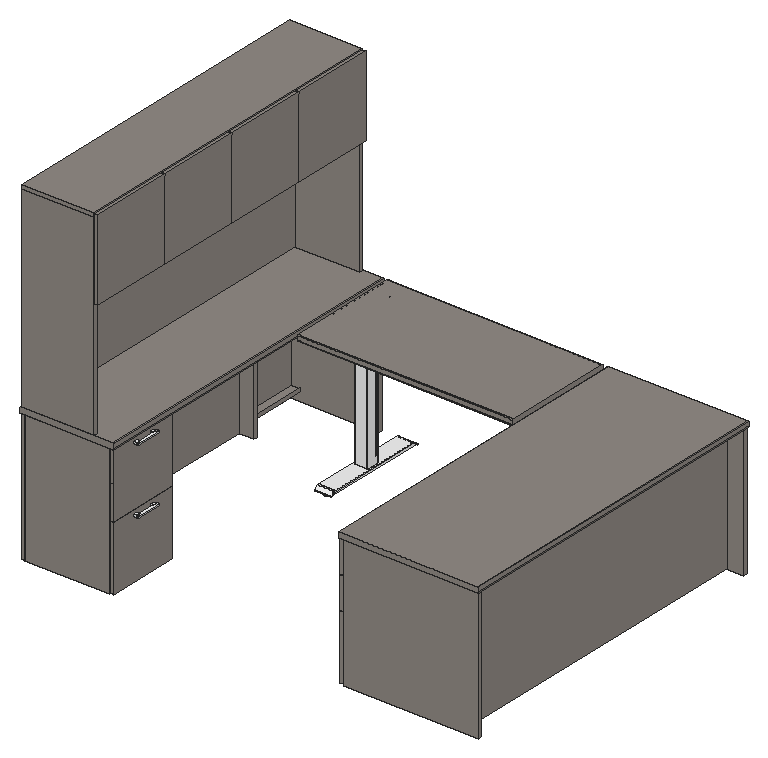
Revit family "JSI-Vision-Typical_Veneer-VST018-", category Furniture, Revit 2020 (continued)
Definition of nested family "JSI-Vision-Adjustable_Table_Height_Bridge-Standard_Range"
  Automatic sketch dimensions
    plane 5 to Extrusion 1 sketch curve = 0.11811"  (x2)
    Extrusion 1 sketch curve to plane 4 = 33/256"  (x2)
  Nested families (in)
    nested 1: "Adj Base Bridge Desk" at (0, -12, 0), W Top <- "Width", Height <- "Height", Adj Post Finish <- "Adj Post Finish", Feet Finish <- "Feet Finish", Glide Finish <- "Glide Finish", Low Leg Finish <- "Low Leg Finish", Support Finish <- "Support Finish", Upper Leg Finish <- "Upper Leg Finish", type "Adj Base Bridge Desk"
      with W Top 46", Upper Leg Finish none, Support Finish none, Low Leg Finish none, Height 29 3/16", Glide Finish none, Feet Finish none, Adj Post Finish none
  Definition of nested family "Adj Base Bridge Desk"
    Parameters (values of type "Adj Base Bridge Desk")
      W Top [instance] = 46"
      Upper Leg Finish [instance] = none
      Support Finish [instance] = none
      Low Leg Finish [instance] = none
      Height [instance] = 30"
      Glide Finish [instance] = none
      Feet Finish [instance] = none
      Default Elevation = 0"
      Adj Post Finish [instance] = none
    Reference planes (in)
      plane 1 "Center (Front/Back)": y = 0
      plane 2: z = 0
      plane 3 "Center (Left/Right)": x = 0
      plane 4: z = 30
      plane 5: x = 46
      plane 6: z = 28.8125
      plane 7: x = 5.09647
      plane 8: x = 40.90353
    Forms (in)
      Extrusion 1, solid, material <- "Support Finish"
        sketch origin (1.67343, 0, 0) x (-1, 0, 0) y (0, 0, 1)
          loop
            line (-1.26389, 26.65894) -> (-1.26389, 28.50935) -> (-9.9253, 28.50935) -> (-9.9253, 28.23435) -> (-9.36321, 28.23435) -> (-8.86302, 26.65894) -> (-1.26389, 26.65894)
          loop
            line (-41.38925, 26.65894) -> (-33.79012, 26.65894) -> (-33.28993, 28.23435) -> (-32.72784, 28.23435) -> (-32.72784, 28.50935) -> (-41.38925, 28.50935) -> (-41.38925, 26.65894)
        from -1.89028 to 1.90897
      Extrusion 2, solid, material <- "Support Finish"
        sketch origin (8.68126, 0, 0) x (0, 1, 0) y (0, 0, 1)
          loop
            arc (2.60827, 27.31644) -> (2.67785, 27.34526) -> (2.70667, 27.41484) r 0.0984
            line (2.70667, 27.41484) -> (2.70667, 28.59931)
            arc (2.70667, 28.59931) -> (2.67882, 28.66654) -> (2.61158, 28.69439) r 0.09508
            line (2.61158, 28.69439) -> (2.01307, 28.69439)
            arc (2.01307, 28.69439) -> (1.94678, 28.66693) -> (1.91932, 28.60064) r 0.09375
            line (1.91932, 28.60064) -> (1.91932, 27.41484)
            arc (1.91932, 27.41484) -> (1.94814, 27.34526) -> (2.01772, 27.31644) r 0.0984
            line (2.01772, 27.31644) -> (2.60827, 27.31644)
          loop
            line (-2.60827, 27.31644) -> (-2.01772, 27.31644)
            arc (-2.01772, 27.31644) -> (-1.94814, 27.34526) -> (-1.91932, 27.41484) r 0.0984
            line (-1.91932, 27.41484) -> (-1.91932, 28.60064)
            arc (-1.91932, 28.60064) -> (-1.94678, 28.66693) -> (-2.01307, 28.69439) r 0.09375
            line (-2.01307, 28.69439) -> (-2.61158, 28.69439)
            arc (-2.61158, 28.69439) -> (-2.67882, 28.66654) -> (-2.70667, 28.59931) r 0.09508
            line (-2.70667, 28.59931) -> (-2.70667, 27.41484)
            arc (-2.70667, 27.41484) -> (-2.67785, 27.34526) -> (-2.60827, 27.31644) r 0.0984
        from -6.06315 to 14.07466
      Extrusion 3, solid, material <- "Support Finish"
        sketch origin (1.70596, 0, 0) x (0, 1, 0) y (0, 0, 1)
          loop
            arc (2.50984, 27.82825) -> (2.59335, 27.86284) -> (2.62794, 27.94635) r 0.1181
            line (2.62794, 27.94635) -> (2.62794, 28.49755)
            arc (2.62794, 28.49755) -> (2.59335, 28.58106) -> (2.50984, 28.61565) r 0.1181
            line (2.50984, 28.61565) -> (2.15551, 28.61565)
            arc (2.15551, 28.61565) -> (2.072, 28.58106) -> (2.03741, 28.49755) r 0.1181
            line (2.03741, 28.49755) -> (2.03741, 27.94635)
            arc (2.03741, 27.94635) -> (2.072, 27.86284) -> (2.15551, 27.82825) r 0.1181
            line (2.15551, 27.82825) -> (2.50984, 27.82825)
          loop
            arc (-2.15551, 27.82825) -> (-2.072, 27.86284) -> (-2.03741, 27.94635) r 0.1181
            line (-2.03741, 27.94635) -> (-2.03741, 28.49755)
            arc (-2.03741, 28.49755) -> (-2.072, 28.58106) -> (-2.15551, 28.61565) r 0.1181
            line (-2.15551, 28.61565) -> (-2.50984, 28.61565)
            arc (-2.50984, 28.61565) -> (-2.59335, 28.58106) -> (-2.62794, 28.49755) r 0.1181
            line (-2.62794, 28.49755) -> (-2.62794, 27.94635)
            arc (-2.62794, 27.94635) -> (-2.59335, 27.86284) -> (-2.50984, 27.82825) r 0.1181
            line (-2.50984, 27.82825) -> (-2.15551, 27.82825)
        from 3.18381 to 39.40428
      Extrusion 4, solid, material <- "Feet Finish"
        sketch origin (3.34686, 0, 0) x (0, 1, 0) y (0, 0, 1)
          loop
            line (10.52318, 1.16069) -> (-10.52318, 1.16069)
            arc (-10.52318, 1.16069) -> (-10.60868, 1.14561) -> (-10.68388, 1.1022) r 0.25
            line (-10.68388, 1.1022) -> (-11.48879, 0.4268) -> (-11.40022, 0.32124) -> (-10.59879, 0.99371)
            arc (-10.59879, 0.99371) -> (-10.56128, 1.01537) -> (-10.51862, 1.02289) r 0.12472
            line (-10.51862, 1.02289) -> (10.51852, 1.02289)
            arc (10.51852, 1.02289) -> (10.56128, 1.01536) -> (10.59887, 0.99365) r 0.125
            line (10.59887, 0.99365) -> (11.40022, 0.32124) -> (11.48879, 0.4268) -> (10.68388, 1.1022)
            arc (10.68388, 1.1022) -> (10.60869, 1.14561) -> (10.52318, 1.16069) r 0.25
        from -0.06142 to 3.56063
      Extrusion 5, solid, material <- "Feet Finish"
        sketch origin (3.34686, 0, 0) x (0, 1, 0) y (0, 0, 1)
          loop
            line (-11.14173, 0.39297) -> (11.14173, 0.39297) -> (11.14173, 0.53813) -> (10.59887, 0.99365)
            arc (10.59887, 0.99365) -> (10.56128, 1.01535) -> (10.51852, 1.02289) r 0.125
            line (10.51852, 1.02289) -> (-10.51862, 1.02289)
            arc (-10.51862, 1.02289) -> (-10.56128, 1.01537) -> (-10.59879, 0.99371) r 0.12472
            line (-10.59879, 0.99371) -> (-11.14173, 0.53813) -> (-11.14173, 0.39297)
        from 0.19449 to 3.30472
      Extrusion 6, solid, material <- "Feet Finish"
        sketch origin (16.23738, 0, 0) x (0, 1, 0) y (0, 0, 1)
          loop
            line (10.52318, 1.16069) -> (-10.52318, 1.16069)
            arc (-10.52318, 1.16069) -> (-10.60868, 1.14561) -> (-10.68387, 1.1022) r 0.25
            line (-10.68387, 1.1022) -> (-11.48879, 0.4268) -> (-11.40022, 0.32124) -> (-10.59879, 0.99372)
            arc (-10.59879, 0.99372) -> (-10.56128, 1.01537) -> (-10.51862, 1.02289) r 0.12472
            line (-10.51862, 1.02289) -> (10.51852, 1.02289)
            arc (10.51852, 1.02289) -> (10.56128, 1.01536) -> (10.59887, 0.99365) r 0.125
            line (10.59887, 0.99365) -> (11.40022, 0.32124) -> (11.48879, 0.4268) -> (10.68388, 1.1022)
            arc (10.68388, 1.1022) -> (10.60869, 1.14561) -> (10.52318, 1.16069) r 0.25
        from 22.85513 to 26.47717
      Extrusion 7, solid, material <- "Low Leg Finish"
        sketch origin (0, 0, 0) x (1, 0, 0) y (0, 1, 0)
          loop
            line (3.73819, 1.26995) -> (3.73819, -1.2505)
            arc (3.73819, -1.2505) -> (3.76702, -1.3201) -> (3.83661, -1.34893) r 0.09843
            line (3.83661, -1.34893) -> (6.35665, -1.34893)
            arc (6.35665, -1.34893) -> (6.426, -1.3202) -> (6.45472, -1.25086) r 0.09807
            line (6.45472, -1.25086) -> (6.45472, 1.26918)
            arc (6.45472, 1.26918) -> (6.42589, 1.33878) -> (6.3563, 1.36761) r 0.09843
            line (6.3563, 1.36761) -> (3.83585, 1.36761)
            arc (3.83585, 1.36761) -> (3.76679, 1.33901) -> (3.73819, 1.26995) r 0.09766
          loop
            arc (42.26182, 1.25984) -> (42.23299, 1.32944) -> (42.16339, 1.35827) r 0.09843
            line (42.16339, 1.35827) -> (39.64371, 1.35827)
            arc (39.64371, 1.35827) -> (39.57411, 1.32944) -> (39.54528, 1.25984) r 0.09843
            line (39.54528, 1.25984) -> (39.54528, -1.23588)
            arc (39.54528, -1.23588) -> (39.57839, -1.31582) -> (39.65833, -1.34893) r 0.11305
            line (39.65833, -1.34893) -> (42.16339, -1.34893)
            arc (42.16339, -1.34893) -> (42.23299, -1.3201) -> (42.26182, -1.2505) r 0.09843
            line (42.26182, -1.2505) -> (42.26182, 1.25984)
        from 1.16069 to 24.73029
      Extrusion 8, solid, material <- "Support Finish"
        sketch origin (0, 0, 0) x (1, 0, 0) y (0, 0, 1)
          loop
            line (2.5, 26.64715) -> (2.61811, 26.64715) -> (2.61811, 28.65745)
            arc (2.61811, 28.65745) -> (2.62893, 28.68357) -> (2.65505, 28.69439) r 0.03694
            line (2.65505, 28.69439) -> (4.0748, 28.69439) -> (4.0748, 28.8125) -> (2.65534, 28.8125)
            arc (2.65534, 28.8125) -> (2.5455, 28.767) -> (2.5, 28.65716) r 0.15534
            line (2.5, 28.65716) -> (2.5, 26.64715)
          loop
            line (43.50001, 26.64715) -> (43.50001, 28.65716)
            arc (43.50001, 28.65716) -> (43.45451, 28.767) -> (43.34467, 28.8125) r 0.15534
            line (43.34467, 28.8125) -> (41.9252, 28.8125) -> (41.9252, 28.69439) -> (43.33499, 28.69439)
            arc (43.33499, 28.69439) -> (43.36816, 28.68065) -> (43.3819, 28.64748) r 0.04691
            line (43.3819, 28.64748) -> (43.3819, 26.64715) -> (43.50001, 26.64715)
        from -10.14567 to 10.14567
      Extrusion 9, void
        sketch origin (0, 0, 0) x (0, 1, 0) y (0, 0, 1)
          loop
            line (-9.64567, 29.15728) -> (-10.14567, 29.15728) -> (-10.14567, 26.15728) -> (10.14567, 26.15728) -> (10.14567, 29.15728) -> (9.64567, 29.15728) -> (9.64567, 28.43724)
            arc (9.64567, 28.43724) -> (9.53149, 28.11921) -> (9.2411, 27.94643) r 0.5
            line (9.2411, 27.94643) -> (2.76152, 26.68651)
            arc (2.76152, 26.68651) -> (2.61903, 26.66585) -> (2.47521, 26.65894) r 1.5
            line (2.47521, 26.65894) -> (-2.47521, 26.65894)
            arc (-2.47521, 26.65894) -> (-2.61903, 26.66585) -> (-2.76152, 26.68651) r 1.5
            line (-2.76152, 26.68651) -> (-9.2411, 27.94643)
            arc (-9.2411, 27.94643) -> (-9.53149, 28.11921) -> (-9.64567, 28.43724) r 0.5
            line (-9.64567, 28.43724) -> (-9.64567, 29.15728)
        from 1.99619 to 44.00235
      Extrusion 10, solid, material <- "Support Finish"
        sketch origin (60.8427, 0, 0) x (0, 1, 0) y (0, 0, -1)
          loop
            line (-2.01772, -27.31644) -> (-2.61292, -27.31644)
            arc (-2.61292, -27.31644) -> (-2.67921, -27.3439) -> (-2.70667, -27.41019) r 0.09375
            line (-2.70667, -27.41019) -> (-2.70667, -28.60064)
            arc (-2.70667, -28.60064) -> (-2.67921, -28.66693) -> (-2.61292, -28.69439) r 0.09375
            line (-2.61292, -28.69439) -> (-2.0144, -28.69439)
            arc (-2.0144, -28.69439) -> (-1.94717, -28.66654) -> (-1.91932, -28.59931) r 0.09508
            line (-1.91932, -28.59931) -> (-1.91932, -27.41484)
            arc (-1.91932, -27.41484) -> (-1.94814, -27.34526) -> (-2.01772, -27.31644) r 0.0984
          loop
            line (2.60827, -27.31644) -> (2.0132, -27.31644)
            arc (2.0132, -27.31644) -> (1.94682, -27.34394) -> (1.91932, -27.41032) r 0.09389
            line (1.91932, -27.41032) -> (1.91932, -28.59931)
            arc (1.91932, -28.59931) -> (1.94717, -28.66654) -> (2.0144, -28.69439) r 0.09508
            line (2.0144, -28.69439) -> (2.61292, -28.69439)
            arc (2.61292, -28.69439) -> (2.67921, -28.66693) -> (2.70667, -28.60064) r 0.09375
            line (2.70667, -28.60064) -> (2.70667, -27.41484)
            arc (2.70667, -27.41484) -> (2.67785, -27.34526) -> (2.60827, -27.31644) r 0.0984
        from 17.46081 to 37.59861
      Revolve 11, solid, material <- "Glide Finish"
        sketch origin (-1, -10.27559, 0) x (1, 0, 0) y (0, 0, 1)
          loop
            line (6.09647, 0.94489) -> (5.93882, 0.94489) -> (5.93882, 0.39297) -> (5.30863, 0.39297) -> (5.11222, 0.19657) -> (5.11222, 0) -> (6.09647, 0) -> (6.09647, 0.94489)
          axis (6.09647, 0.94489) -> (6.09647, 0)
        angle from 0 to 360
      Revolve 12, solid, material <- "Glide Finish"
        sketch origin (-1, 10.27547, 0) x (1, 0, 0) y (0, 0, 1)
          loop
            line (6.09647, 0.94489) -> (5.93882, 0.94489) -> (5.93882, 0.39297) -> (5.30863, 0.39297) -> (5.11222, 0.19657) -> (5.11222, 0) -> (6.09647, 0) -> (6.09647, 0.94489)
          axis (6.09647, 0.94489) -> (6.09647, 0)
        angle from 0 to 360
      Revolve 13, solid, material <- "Glide Finish"
        sketch origin (63.69757, -10.27559, 0) x (1, 0, 0) y (0, 0, 1)
          loop
            line (-22.79404, 0.94489) -> (-22.95169, 0.94489) -> (-22.95169, 0.39297) -> (-23.58189, 0.39297) -> (-23.77829, 0.19657) -> (-23.77829, 0) -> (-22.79404, 0) -> (-22.79404, 0.94489)
          axis (-22.79404, 0.94489) -> (-22.79404, 0)
        angle from 0 to 360
      Revolve 14, solid, material <- "Glide Finish"
        sketch origin (63.69757, 10.27547, 0) x (1, 0, 0) y (0, 0, 1)
          loop
            line (-22.79404, 0.94489) -> (-22.95169, 0.94489) -> (-22.95169, 0.39297) -> (-23.58189, 0.39297) -> (-23.77829, 0.19657) -> (-23.77829, 0) -> (-22.79404, 0) -> (-22.79404, 0.94489)
          axis (-22.79404, 0.94489) -> (-22.79404, 0)
        angle from 0 to 360
      Extrusion 15, solid, material <- "Feet Finish"
        sketch origin (67.04443, 0, 0) x (0, 1, 0) y (0, 0, 1)
          loop
            line (-11.14173, 0.39297) -> (11.14173, 0.39297) -> (11.14173, 0.53813) -> (10.59887, 0.99365)
            arc (10.59887, 0.99365) -> (10.56128, 1.01535) -> (10.51852, 1.02289) r 0.125
            line (10.51852, 1.02289) -> (-10.51862, 1.02289)
            arc (-10.51862, 1.02289) -> (-10.56128, 1.01537) -> (-10.59879, 0.99371) r 0.12472
            line (-10.59879, 0.99371) -> (-11.14173, 0.53813) -> (-11.14173, 0.39297)
        from -27.69602 to -24.58578
      Extrusion 16, solid
        sketch origin (0, 0, 0) x (1, 0, 0) y (0, 1, 0)
          loop
            line (3.92519, 1.08218) -> (3.92519, -1.06349)
            arc (3.92519, -1.06349) -> (3.95402, -1.13309) -> (4.02362, -1.16192) r 0.09843
            line (4.02362, -1.16192) -> (6.16929, -1.16192)
            arc (6.16929, -1.16192) -> (6.23889, -1.13309) -> (6.26771, -1.06349) r 0.09843
            line (6.26771, -1.06349) -> (6.26771, 1.08218)
            arc (6.26771, 1.08218) -> (6.23889, 1.15177) -> (6.16929, 1.1806) r 0.09843
            line (6.16929, 1.1806) -> (4.02362, 1.1806)
            arc (4.02362, 1.1806) -> (3.95402, 1.15177) -> (3.92519, 1.08218) r 0.09843
          loop
            line (39.73229, 1.08218) -> (39.73229, -1.06349)
            arc (39.73229, -1.06349) -> (39.76112, -1.13309) -> (39.83071, -1.16192) r 0.09843
            line (39.83071, -1.16192) -> (41.96061, -1.16192)
            arc (41.96061, -1.16192) -> (42.04136, -1.12847) -> (42.07481, -1.04772) r 0.1142
            line (42.07481, -1.04772) -> (42.07481, 1.08218)
            arc (42.07481, 1.08218) -> (42.04598, 1.15177) -> (41.97638, 1.1806) r 0.09843
            line (41.97638, 1.1806) -> (39.83071, 1.1806)
            arc (39.83071, 1.1806) -> (39.76112, 1.15177) -> (39.73229, 1.08218) r 0.09843
        from 26.65894 to 3.2731
    Cuts and joins
      Extrusion 9 cuts Extrusion 8
    Lines and regions (in)
      symbolic lines
        curve 1: line (6.9075, 11.48879, 0) -> (3.28545, 11.48879, 0)
        curve 2: line (6.9075, -11.48879, 0) -> (6.9075, 11.48879, 0)
        curve 3: line (3.28545, -11.48879, 0) -> (6.9075, -11.48879, 0)
        curve 4: line (3.28545, 11.48879, 0) -> (3.28545, 9.64567, 0)
        curve 5: line (42.71456, 11.48879, 0) -> (39.09251, 11.48879, 0)
        curve 6: line (42.71456, 9.64567, 0) -> (42.71456, 11.48879, 0)
        curve 7: line (39.09251, -11.48879, 0) -> (42.81987, -11.48879, 0)
        curve 8: line (39.09251, 11.48879, 0) -> (39.09251, -11.48879, 0)
        curve 9: line (2.5, 9.64567, 0) -> (4.0748, 9.64567, 0)
        curve 10: line (2.5, -9.64567, 0) -> (2.5, 9.64567, 0)
        curve 11: line (4.0748, -9.64567, 0) -> (2.5, -9.64567, 0)
        curve 12: line (4.0748, 9.64567, 0) -> (4.0748, -9.64567, 0)
        curve 13: line (43.50001, 9.64567, 0) -> (41.9252, 9.64567, 0)
        curve 14: line (43.50001, -9.64567, 0) -> (43.50001, 9.64567, 0)
        curve 15: line (41.9252, -9.64567, 0) -> (43.50001, -9.64567, 0)
        curve 16: line (41.9252, 9.64567, 0) -> (41.9252, -9.64567, 0)
        curve 17: line (41.9252, 2.70667, 0) -> (23.24409, 2.70667, 0)
        curve 18: line (23.24409, 2.70667, 0) -> (23.24409, 1.91932, 0)
        curve 19: line (23.24409, 1.91932, 0) -> (41.9252, 1.91932, 0)
        curve 20: line (41.9252, -1.92113, 0) -> (23.24409, -1.91932, 0)
        curve 21: line (23.24409, -1.91932, 0) -> (23.24409, -2.70667, 0)
        curve 22: line (23.24409, -2.70667, 0) -> (41.9252, -2.70667, 0)
        curve 23: line (22.75592, 2.70667, 0) -> (22.75592, 1.91932, 0)
        curve 24: line (22.75592, 1.91932, 0) -> (4.0748, 1.91932, 0)
        curve 25: line (22.75592, 2.70667, 0) -> (4.0748, 2.70667, 0)
        curve 26: line (22.75592, -1.91932, 0) -> (4.0748, -1.91932, 0)
        curve 27: line (22.75592, -2.70667, 0) -> (4.0748, -2.70667, 0)
        curve 28: line (22.75592, -1.91932, 0) -> (22.75592, -2.70667, 0)
        curve 29: line (3.28545, -11.48879, 0) -> (3.28545, -9.64567, 0)
        curve 30: line (42.81987, -11.48879, 0) -> (42.81987, -9.64567, 0)
        curve 31: line (22.75592, 2.62798, 0) -> (23.24409, 2.62798, 0)
        curve 32: line (22.75592, 2.03782, 0) -> (23.24409, 2.03782, 0)
        curve 33: line (22.75592, -2.03689, 0) -> (23.24409, -2.03689, 0)
        curve 34: line (22.75592, -2.6279, 0) -> (23.24409, -2.6279, 0)
    Dimensions and locks (in)
      "Height": plane 2 to plane 4
      Extrusion 1 sketch curve to Extrusion 1 sketch curve to Extrusion 1 sketch curve to plane 4 = 1.57541" locked, 0.275", 1.49065"
      Extrusion 4 sketch curve to Extrusion 4 sketch curve to Extrusion 4 sketch curve to Extrusion 4 sketch curve to plane 1 "Center (Front/Back)" to Extrusion 4 sketch curve to Extrusion 4 sketch curve to Extrusion 4 sketch curve to Extrusion 4 sketch curve = 0.08857" locked, 0.87704" locked, 0.00456" locked, 10.51862" locked, 10.51852" locked, 0.00466" locked, 0.87704" locked, 0.08857" locked
      plane 2 to Extrusion 4 sketch curve to Extrusion 4 sketch curve to Extrusion 4 sketch curve to Extrusion 4 sketch curve to Extrusion 4 sketch curve to Extrusion 4 sketch curve = 0.32124" locked, 0.10556" locked, 0.4711" locked, 0.0128" locked, 0.1122" locked, 0.1378" locked
      plane 2 to Extrusion 5 sketch curve to Extrusion 5 sketch curve = 0.39297" locked, 0.62992" locked
      Extrusion 5 sketch curve to plane 1 "Center (Front/Back)" to Extrusion 5 sketch curve = 11.14173" locked, 11.14173" locked
      Extrusion 6 sketch curve to Extrusion 6 sketch curve to Extrusion 6 sketch curve to Extrusion 6 sketch curve to Extrusion 6 sketch curve to Extrusion 6 sketch curve to Extrusion 6 sketch curve to Extrusion 6 sketch curve = 0.08857" locked, 0.87704" locked, 0.00456" locked, 21.03715", 0.00466" locked, 0.87704" locked, 0.08857" locked
      Extrusion 6 sketch curve to Extrusion 6 sketch curve to Extrusion 6 sketch curve to Extrusion 6 sketch curve to Extrusion 6 sketch curve to Extrusion 6 sketch curve = 0.10556" locked, 0.4711" locked, 0.0128" locked, 0.1122" locked, 0.1378" locked
      Extrusion 7 sketch curve to Extrusion 7 sketch curve to plane 1 "Center (Front/Back)" to Extrusion 7 sketch curve to Extrusion 7 sketch curve = 0.09843" locked, 1.2505", 1.25984" locked, 0.09843" locked
      Extrusion 7 sketch curve to Extrusion 7 sketch curve to Extrusion 7 sketch curve to Extrusion 7 sketch curve to plane 5 = 0.09843" locked, 2.51969" locked, 0.09843" locked, 3.73818" locked
      locked: Extrusion 7 to plane 2 at 24.73029
      Extrusion 1 sketch curve to Extrusion 1 sketch curve to Extrusion 1 sketch curve to plane 4 = 1.57541" locked, 0.275" locked, 1.49065" locked
      Extrusion 1 sketch curve to Extrusion 1 sketch curve to Extrusion 1 sketch curve to Extrusion 1 sketch curve to plane 3 "Center (Left/Right)" = 0.5621" locked, 0.50019" locked, 7.59913" locked, 2.93732" locked
      plane 5 to Extrusion 1 sketch curve to Extrusion 1 sketch curve to Extrusion 1 sketch curve = 2.93731" locked, 7.59913" locked, 1.06228" locked
      Extrusion 2 sketch curve to Extrusion 2 sketch curve to Extrusion 2 sketch curve to Extrusion 2 sketch curve to plane 1 "Center (Front/Back)" to Extrusion 2 sketch curve to Extrusion 2 sketch curve to Extrusion 2 sketch curve to Extrusion 2 sketch curve = 0.09508" locked, 0.59852" locked, 3/32" locked, 1.91932" locked, 1.91932" locked, 3/32" locked, 0.59852" locked, 0.09508" locked
      locked: plane 4 to plane 6 at 1.1875
      Extrusion 3 sketch curve to Extrusion 3 sketch curve to Extrusion 3 sketch curve to Extrusion 3 sketch curve to plane 1 "Center (Front/Back)" to Extrusion 3 sketch curve to Extrusion 3 sketch curve to Extrusion 3 sketch curve to Extrusion 3 sketch curve = 0.1181" locked, 0.35433" locked, 0.1181" locked, 2.03741" locked, 2.03741" locked, 0.1181" locked, 0.35433" locked, 0.1181" locked
      plane 6 to Extrusion 3 sketch curve to Extrusion 3 sketch curve to Extrusion 3 sketch curve to Extrusion 3 sketch curve = 0.19685" locked, 0.1181" locked, 0.5512" locked, 0.1181" locked
      Extrusion 8 sketch curve to Extrusion 8 sketch curve to Extrusion 8 sketch curve to Extrusion 8 sketch curve to plane 3 "Center (Left/Right)" = 1.41947" locked, 0.03723" locked, 0.11811" locked, 2 1/2" locked
      Extrusion 8 sketch curve to Extrusion 8 sketch curve to Extrusion 8 sketch curve to Extrusion 8 sketch curve to plane 5 = 1.41947" locked, 0.03723" locked, 0.11811" locked, 2 1/2"
      plane 6 to Extrusion 8 sketch curve to Extrusion 8 sketch curve to Extrusion 8 sketch curve = 0.11811" locked, 0.03723" locked, 2.01002" locked
      locked: plane 5 to Extrusion 9 at 1.99765
      locked: plane 3 "Center (Left/Right)" to Extrusion 9 at 1.99619
      Extrusion 9 sketch curve to plane 6 to Extrusion 9 sketch curve to Extrusion 9 sketch curve to Extrusion 9 sketch curve to Extrusion 9 sketch curve = 0.34478" locked, 0.37526" locked, 0.2783" locked, 1 1/2" locked, 0.50165" locked
      Extrusion 9 sketch curve to Extrusion 9 sketch curve to Extrusion 9 sketch curve to Extrusion 9 sketch curve to plane 1 "Center (Front/Back)" to Extrusion 9 sketch curve to Extrusion 9 sketch curve to Extrusion 9 sketch curve to Extrusion 9 sketch curve = 1/2" locked, 1/2" locked, 6.67046" locked, 2.47521" locked, 2.47521" locked, 6.67046" locked, 1/2" locked, 1/2" locked
      Extrusion 10 sketch curve to Extrusion 10 sketch curve to Extrusion 10 sketch curve to Extrusion 10 sketch curve to Extrusion 10 sketch curve to Extrusion 10 sketch curve to Extrusion 10 sketch curve to Extrusion 10 sketch curve = 3/32" locked, 0.59852" locked, 0.09508" locked, 3.83863" locked, 0.09508" locked, 0.59852" locked, 3/32" locked
      Extrusion 10 to Extrusion 3 to plane 5 = 17.86615" locked, 4.88976" locked
      Extrusion 2 to Extrusion 3 to plane 3 "Center (Left/Right)" = 17.86615" locked, 4.88977" locked
      Revolve 11 sketch curve to Revolve 11 sketch curve to Revolve 11 sketch curve to plane 7 = 0.1964" locked, 0.63019" locked, 0.15765" locked
      Revolve 12 sketch curve to Revolve 12 sketch curve to Revolve 12 sketch curve = 0.1964" locked, 0.63019" locked
      Revolve 12 to plane 1 "Center (Front/Back)" to Revolve 11 = 10.27547" locked, 10.27559" locked
      Revolve 13 sketch curve to Revolve 13 sketch curve to Revolve 13 sketch curve to plane 8 = 0.1964" locked, 0.63019" locked, 0.15765" locked
      Revolve 14 sketch curve to Revolve 14 sketch curve to Revolve 14 sketch curve = 0.1964" locked, 0.63019" locked
      Revolve 14 to Revolve 13 = 20.55106"
      Revolve 13 to plane 1 "Center (Front/Back)" to Revolve 14 = 10.27559" locked, 10.27547" locked
      locked: Extrusion 15 sketch curve to Extrusion 15 sketch curve at 0.62992
      Extrusion 15 sketch curve to plane 1 "Center (Front/Back)" to Extrusion 15 sketch curve = 11.14173" locked, 11.14173" locked
      "W Top": plane 3 "Center (Left/Right)" to plane 5
      plane 3 "Center (Left/Right)" to plane 7 = 5.09647"
      plane 8 to plane 5 = 5.09647"
      Extrusion 7 sketch curve to Extrusion 7 sketch curve to plane 1 "Center (Front/Back)" to Extrusion 7 sketch curve to Extrusion 7 sketch curve = 0.09843" locked, 1.2505" locked, 1.26995" locked, 25/256" locked
      plane 3 "Center (Left/Right)" to Extrusion 7 sketch curve to Extrusion 7 sketch curve to Extrusion 7 sketch curve to Extrusion 7 sketch curve = 3.73819" locked, 25/256" locked, 2.52045" locked, 0.09843" locked
      Extrusion 16 sketch curve to Extrusion 16 sketch curve to plane 1 "Center (Front/Back)" to Extrusion 16 sketch curve to Extrusion 16 sketch curve = 0.09843" locked, 1.06349" locked, 1.08218" locked, 0.09843" locked
      plane 3 "Center (Left/Right)" to Extrusion 16 sketch curve to Extrusion 16 sketch curve to Extrusion 16 sketch curve to Extrusion 16 sketch curve = 3.92519" locked, 0.09843" locked, 2.14567" locked, 0.09843" locked
      Extrusion 16 sketch curve to Extrusion 16 sketch curve to Extrusion 16 sketch curve to Extrusion 16 sketch curve to plane 5 = 0.09843" locked, 2.14567" locked, 0.09843" locked, 3.92519" locked
      plane 1 "Center (Front/Back)" to Extrusion 16 = 1.16192"
      Extrusion 16 to Extrusion 16 to plane 6 = 23.38583" locked, 2.15356" locked
      Extrusion 6 to Extrusion 15 to plane 8 to Extrusion 15 to Extrusion 6 to plane 5 = 0.25591" locked, 1.55512" locked, 1.55512" locked, 0.25591" locked, 3.28544" locked
      Extrusion 16 sketch curve to Extrusion 16 sketch curve to plane 1 "Center (Front/Back)" to Extrusion 16 sketch curve to Extrusion 16 sketch curve = 0.09843" locked, 1.08218" locked, 1.04772" locked, 0.1142" locked
      aligned and locked: plane 2 to level
      aligned and locked: Extrusion 7 to Extrusion 4
      aligned and locked: Extrusion 3 sketch curve to Extrusion 3 sketch curve  (x2)
      aligned and locked: Extrusion 8 sketch curve to plane 6
      aligned and locked: plane 6 to Extrusion 8 sketch curve
      aligned and locked: Extrusion 8 sketch curve to Extrusion 8 sketch curve  (x2)
      aligned and locked: Extrusion 9 sketch curve to Extrusion 9 sketch curve
      aligned and locked: plane 7 to Revolve 11 sketch curve
      aligned and locked: plane 8 to Revolve 13 sketch curve
      aligned and locked: curve 1 to Extrusion 4
      aligned and locked: curve 2 to Extrusion 4
      aligned and locked: Extrusion 4 to curve 3
      aligned and locked: curve 4 to Extrusion 4
      aligned and locked: curve 5 to Extrusion 6
      aligned and locked: Extrusion 6 to curve 6
      aligned and locked: curve 7 to Extrusion 6
      aligned and locked: curve 8 to Extrusion 6
      aligned and locked: curve 9 to cut or joined group of Extrusion 8, Extrusion 9
      aligned and locked: curve 10 to cut or joined group of Extrusion 8, Extrusion 9
      aligned and locked: cut or joined group of Extrusion 8, Extrusion 9 to curve 11
      aligned and locked: curve 12 to cut or joined group of Extrusion 8, Extrusion 9
      aligned and locked: curve 13 to cut or joined group of Extrusion 8, Extrusion 9
      aligned and locked: curve 14 to cut or joined group of Extrusion 8, Extrusion 9
      aligned and locked: curve 15 to cut or joined group of Extrusion 8, Extrusion 9
      aligned and locked: curve 16 to cut or joined group of Extrusion 8, Extrusion 9
      aligned and locked: Extrusion 2 to curve 31
      aligned and locked: Extrusion 2 to curve 32
      aligned and locked: Extrusion 10 to curve 31
      aligned and locked: Extrusion 10 to curve 32
      aligned and locked: Extrusion 2 to curve 33
      aligned and locked: Extrusion 2 to curve 34
      aligned and locked: Extrusion 10 to curve 33
      aligned and locked: Extrusion 10 to curve 34
      aligned and locked: Extrusion 16 to Extrusion 1
    Automatic sketch dimensions
      Extrusion 3 sketch curve to Extrusion 3 sketch curve = 0.1181"  (x3)
      level to Extrusion 4 sketch curve = 1.1022"  (x2)
      Extrusion 4 sketch curve to Extrusion 4 sketch curve = 0.1607"  (x2)
      level to Extrusion 4 sketch curve = 0.99371"
      Extrusion 4 sketch curve to Extrusion 4 sketch curve = 0.07561"
      Extrusion 4 sketch curve to Extrusion 4 sketch curve = 0.08017"
      level to Extrusion 4 sketch curve = 0.99365"
      Extrusion 4 sketch curve to Extrusion 4 sketch curve = 0.09554"
      Extrusion 4 sketch curve to Extrusion 4 sketch curve = 0.01252"
      level to Extrusion 6 sketch curve = 0.4268"
      plane 1 "Center (Front/Back)" to Extrusion 6 sketch curve = 11.48879"
      level to Extrusion 6 sketch curve = 1.1022"  (x2)
      Extrusion 6 sketch curve to Extrusion 6 sketch curve = 0.16069"  (x2)
      level to Extrusion 6 sketch curve = 0.99372"
      Extrusion 6 sketch curve to Extrusion 6 sketch curve = 0.08017"
      level to Extrusion 6 sketch curve = 0.99365"
      Extrusion 6 sketch curve to Extrusion 6 sketch curve = 0.08035"
      level to Extrusion 15 sketch curve = 0.89789"
      level to Extrusion 15 sketch curve = 0.99365"
      Extrusion 15 sketch curve to Extrusion 15 sketch curve = 0.08035"
      Extrusion 15 sketch curve to Extrusion 15 sketch curve = 0.62321"
      Extrusion 15 sketch curve to Extrusion 15 sketch curve = 0.54294"
      Extrusion 15 sketch curve to Extrusion 15 sketch curve = 0.08017"
      Extrusion 15 sketch curve to Extrusion 15 sketch curve = 0.14516"  (x2)
      Extrusion 15 sketch curve to Extrusion 15 sketch curve = 0.12472"
      Extrusion 1 sketch curve to Extrusion 1 sketch curve = 0.5621"
      Extrusion 2 sketch curve to Extrusion 2 sketch curve = 0.0984"  (x4)
      Extrusion 2 sketch curve to plane 6 = 1.49606"  (x2)
      Extrusion 2 sketch curve to plane 6 = 0.21319"  (x2)
      level to Extrusion 5 sketch curve = 0.99371"
      Extrusion 5 sketch curve to Extrusion 5 sketch curve = 0.54294"
      Extrusion 5 sketch curve to Extrusion 5 sketch curve = 0.08017"
      Extrusion 5 sketch curve to Extrusion 5 sketch curve = 0.62321"
      level to Extrusion 5 sketch curve = 0.99365"
      Extrusion 5 sketch curve to Extrusion 5 sketch curve = 0.08035"
      Extrusion 5 sketch curve to Extrusion 5 sketch curve = 0.14516"  (x2)
      Extrusion 9 sketch curve to plane 6 = 0.86607"  (x2)
      Extrusion 9 sketch curve to Extrusion 9 sketch curve = 0.09543"
      Extrusion 9 sketch curve to plane 6 = 2.12599"  (x2)
      Extrusion 9 sketch curve to Extrusion 9 sketch curve = 0.2863"
      plane 1 "Center (Front/Back)" to Extrusion 10 sketch curve = 2.70667"
      Extrusion 10 sketch curve to Extrusion 10 sketch curve = 3/32"
      Extrusion 10 sketch curve to Extrusion 10 sketch curve = 0.0984"  (x2)
      Extrusion 10 sketch curve to Extrusion 10 sketch curve = 0.09389"
      Extrusion 10 sketch curve to plane 6 = 0.11811"  (x2)
      Extrusion 10 sketch curve to Extrusion 10 sketch curve = 1.18447"
      Extrusion 10 sketch curve to Extrusion 10 sketch curve = 1.1858"
      plane 7 to Revolve 11 sketch curve = 0"
      Revolve 11 sketch curve to level = 0"
      level to Revolve 11 sketch curve = 0.19657"
      Revolve 11 sketch curve to Revolve 11 sketch curve = 0.1964"
      Revolve 11 sketch curve to Revolve 11 sketch curve = 0.55192"
      Revolve 11 sketch curve to Revolve 11 sketch curve = 0.16385"
      Revolve 11 sketch curve to Revolve 11 sketch curve = 0.05111"
      plane 7 to Revolve 12 sketch curve = 0"  (x2)
      plane 7 to Revolve 12 sketch curve = 0.15765"
      Revolve 12 sketch curve to level = 0"
      level to Revolve 12 sketch curve = 0.19657"
      Revolve 12 sketch curve to Revolve 12 sketch curve = 0.1964"
      Revolve 12 sketch curve to Revolve 12 sketch curve = 0.55192"
      Revolve 12 sketch curve to Revolve 12 sketch curve = 0.16385"
      Revolve 12 sketch curve to Revolve 12 sketch curve = 0.05111"
      Revolve 13 sketch curve to level = 0"
      plane 8 to Revolve 13 sketch curve = 0"
      level to Revolve 13 sketch curve = 0.19657"
      Revolve 13 sketch curve to Revolve 13 sketch curve = 0.1964"
      Revolve 13 sketch curve to Revolve 13 sketch curve = 0.55192"
      Revolve 13 sketch curve to Revolve 13 sketch curve = 0.16385"
      Revolve 13 sketch curve to Revolve 13 sketch curve = 0.05111"
      Revolve 14 sketch curve to level = 0"
      plane 8 to Revolve 14 sketch curve = 0"  (x2)
      plane 8 to Revolve 14 sketch curve = 0.15765"
      level to Revolve 14 sketch curve = 0.19657"
      Revolve 14 sketch curve to Revolve 14 sketch curve = 0.1964"
      Revolve 14 sketch curve to Revolve 14 sketch curve = 0.55192"
      Revolve 14 sketch curve to Revolve 14 sketch curve = 0.16385"
      Revolve 14 sketch curve to Revolve 14 sketch curve = 0.05111"
      plane 7 to curve 3 = 1.81102"
      plane 1 "Center (Front/Back)" to curve 28 = 1.91932"
      plane 1 "Center (Front/Back)" to curve 20 = 1.91932"
      curve 30 to plane 8 = 1.91634"
      curve 28 to curve 26 = 0.78735"
      curve 22 to curve 20 = 0.78735"
      curve 18 to plane 1 "Center (Front/Back)" = 1.91932"
      curve 23 to plane 1 "Center (Front/Back)" = 1.91932"
      curve 23 to curve 23 = 0.78735"
      curve 18 to curve 17 = 0.78735"
      plane 1 "Center (Front/Back)" to curve 34 = 2.6279"
      plane 1 "Center (Front/Back)" to curve 33 = 2.03689"
      curve 22 to curve 20 = 0.78554"
      curve 23 to curve 32 = 0.1185"
      curve 31 to curve 17 = 0.07868"
      Extrusion 8 sketch curve to Extrusion 8 sketch curve = 0.00029"
      Extrusion 8 sketch curve to Extrusion 8 sketch curve = 0.00968"
      Extrusion 16 sketch curve to Extrusion 16 sketch curve = 0.09843"  (x2)
      Extrusion 7 sketch curve to Extrusion 7 sketch curve = 0.09807"
      Extrusion 7 sketch curve to Extrusion 7 sketch curve = 0.11305"
